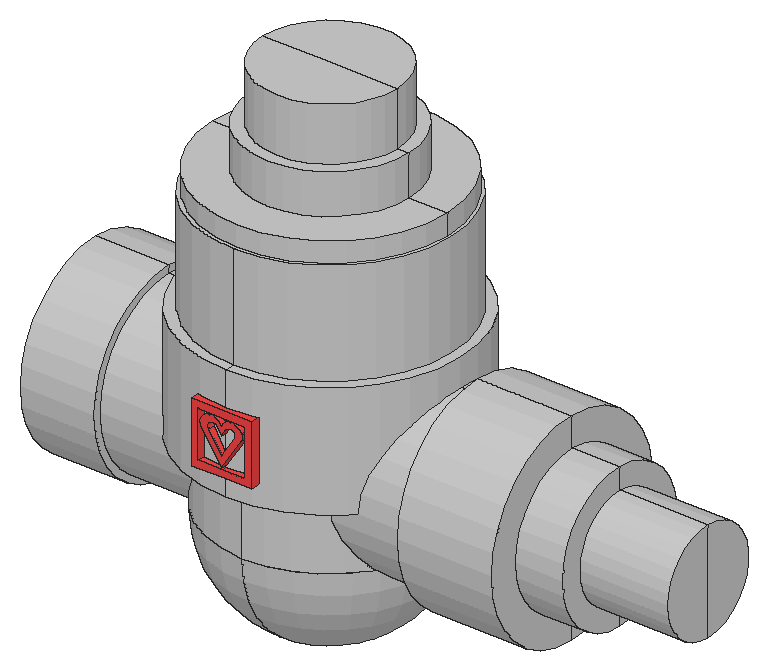
Revit family "RL-1-E Return Valve Straight Model 3723", category Rohrzubehör, Revit 2020
Family settings
  Bemaßung runder Anschluss = Durchmesser verwenden
  Teiletyp = Unterbricht
  OmniClass-Nummer = 23.65.55.14
  OmniClass-Titel = Valves for Liquid Services
  Arbeitsebenenbasiert = Nein
  Immer vertikal = Nein
  Beim Laden mit Abzugskörper schneiden = Nein
  Gemeinsam genutzt = Nein
Parameters
  Vorgabe-Ansicht = 0.000 mm
  URL = "www.herzvalves.com"
  SCRNSEQ = "ARM;ARM_TYP=\"ALLF\";2"
  SCRNCODE = "05;01;02"  # constant formula
  S04 = 45.000 mm  # constant formula
  S03 = 61.000 mm  # constant formula
  S02 [instance] = L05 + L06 + L07  # 56.300 mm
  S01 = 10.000 mm  # constant formula
  R06 = 10.000 mm  # constant formula
  R05 = 11.750 mm  # constant formula
  R04 = 17.500 mm  # constant formula
  R03 = 16.500 mm  # constant formula
  R02 = 19.500 mm  # constant formula
  R01 = 18.000 mm  # constant formula
  Part number [instance] = size_lookup("3723_1E_", "Artnr", 0, Nennweite)  # 1372301
  Nennweite [instance] = 15.000 mm
  Model = "Standard models with nickel-plated threaded sockets."
  Medium = "Hot water purity according to ÖNORM H 5195 and/or VDI guideline 2035"
  Max. operating temperature = 110 °C  # constant formula
  Max. operating pressure = 1000000.0 Pa  # constant formula
  LO1 = 3.000 mm  # constant formula
  LO2 = 19.500 mm  # constant formula
  L07 [instance] = size_lookup("3723_1E_", "L7", 1.000 mm, Nennweite)  # 20.300 mm
  L06 [instance] = size_lookup("3723_1E_", "L6", 1.000 mm, Nennweite)  # 14.000 mm
  L05 [instance] = L02 - L04  # 22.000 mm
  L04 [instance] = size_lookup("3723_1E_", "L4", 1.000 mm, Nennweite)  # 11.000 mm
  L03 [instance] = size_lookup("3723_1E_", "L3", 1.000 mm, Nennweite)  # 11.000 mm
  L02 [instance] = size_lookup("3723_1E_", "L2", 1.000 mm, Nennweite)  # 33.000 mm
  L01 [instance] = size_lookup("3723_1E_", "L1", 1.000 mm, Nennweite)  # 35.000 mm
  Hersteller = "HERZ Armaturen Ges.m.b.H."  # constant formula
  H6 = 8.000 mm  # constant formula
  H07 = 14.000 mm  # constant formula
  H05 = 17.000 mm  # constant formula
  H04 [instance] = H02 - H03  # 17.000 mm
  H03 = 15.500 mm  # constant formula
  H02 [instance] = 32.500 mm  # constant formula
  H01 [instance] = 26.000 mm  # constant formula
  GTI [instance] = size_lookup("3723_1E_", "GT1", 1.000 mm, Nennweite)  # 13.200 mm
  GT [instance] = size_lookup("3723_1E_", "GT", 1.000 mm, Nennweite)  # 12.000 mm
  G2 [instance] = Nennweite / 2  # 7.500 mm
  G1 [instance] = Nennweite / 2  # 7.500 mm
  D05 [instance] = size_lookup("3723_1E_", "D5", 1.000 mm, Nennweite)  # 10.650 mm
  D04 [instance] = size_lookup("3723_1E_", "D4", 1.000 mm, Nennweite)  # 15.000 mm
  D03 [instance] = size_lookup("3723_1E_", "D3", 1.000 mm, Nennweite)  # 9.525 mm
  D02 [instance] = size_lookup("3723_1E_", "D2", 1.000 mm, Nennweite)  # 13.000 mm
  D01 [instance] = size_lookup("3723_1E_", "D1", 1.000 mm, Nennweite)  # 14.000 mm
  Body = "nickel-plated"  # constant formula
  Application = "Water Heating Systems\r\nInstallation of the return valve permits shutting off the return connection of the radiator.\r\nWhen the intake valve is shut at the same time, the radiator can be removed while the system is under pressure."
Reference planes
  plane 1 "Mitte (Vorne/hinten)": y = 0
  plane 2: z = 0
  plane 3 "Mitte (Links/rechts)": x = 0
Forms (mm)
  Revolve 1, solid, material "Messing, weicher Gelbton, geschweißt", detail levels fine
    sketch origin (0, 0, 0) x (1, 0, 0) y (0, 0, 1)
      loop
        line (-23, 0) -> (33, 0) -> (33, 9.525) -> (22, 9.525) -> (22, 13) -> (-24, 13) -> (-24, 14) -> (-35, 14) -> (-35, 7.5) -> (-23, 7.5) -> (-23, 0)
      axis (-35, 0) -> (33, 0)
    angle from 0 to 360
  Revolve 2, solid, material "Messing, weicher Gelbton, geschweißt", detail levels fine
    sketch origin (0, 0, 0) x (0, 1, 0) y (0, 0, 1)
      loop
        line (0, 32.5) -> (-18, 32.5) -> (-18, 17) -> (-19.5, 17) -> (-19.5, 0) -> (-16.5, 0) -> (-16.5, -9.5)
        arc (-16.5, -9.5) -> (-11.667, -21.167) -> (0, -26) r 16.5
        line (0, -26) -> (0, 32.5)
      axis (0, -26) -> (0, 32.5)
    angle from 0 to 360
  Revolve 3, solid, material "Messing, weicher Gelbton, geschweißt", detail levels fine
    sketch origin (0, 0, 0) x (1, 0, 0) y (0, 0, 1)
      loop
        line (33, 0) -> (56.3, 0) -> (56.3, 7.5) -> (43.1, 7.5) -> (43.1, 10.65) -> (36, 10.65) -> (36, 15) -> (22, 15) -> (22, 9.525) -> (33, 9.525) -> (33, 0)
      axis (22, 0) -> (56.3, 0)
    angle from 0 to 360
  Revolve 4, solid, material "Messing, weicher Gelbton, geschweißt", detail levels medium+fine
    sketch origin (0, 0, 0) x (1, 0, 0) y (0, 0, 1)
      loop
        line (0, 32.5) -> (0, 49.5) -> (-10, 49.5) -> (-10, 41.5) -> (-11.75, 41.5) -> (-11.75, 35.5) -> (-17.5, 35.5) -> (-17.5, 32.5) -> (0, 32.5)
      axis (0, 49.5) -> (0, 32.5)
    angle from 0 to 360
Lines and regions (mm)
  model lines, detail levels coarse+medium
    curve 1: line (-35, 0, 14) -> (-35, 0, -14)
    curve 2: line (-35, 0, -14) -> (35, 0, 14)
    curve 3: line (35, 0, 14) -> (35, 0, -14)
    curve 4: line (35, 0, -14) -> (-35, 0, 14)
    curve 5: line (35, 0, 14) -> (45, 0, 14)
    curve 6: line (45, 0, 14) -> (35, 0, 0)
    curve 7: line (35, 0, -14) -> (45, 0, -14)
    curve 8: line (45, 0, -14) -> (35, 0, 0)
    curve 9: line (35, 0, 0) -> (56.3, 0, 0)
    curve 10: line (-35, 14, 0) -> (-35, -14, 0)
    curve 11: line (-35, -14, 0) -> (35, 14, 0)
    curve 12: line (35, 14, 0) -> (35, -14, 0)
    curve 13: line (35, -14, 0) -> (-35, 14, 0)
    curve 14: line (35, 14, 0) -> (45, 14, 0)
    curve 15: line (45, 14, 0) -> (35, 0, 0)
    curve 16: line (35, -14, 0) -> (45, -14, 0)
    curve 17: line (45, -14, 0) -> (35, 0, 0)
Dimensions and locks
  "L01": Revolve 1 sketch curve to plane 3 "Mitte (Links/rechts)"
  "L02": Revolve 1 sketch curve to plane 3 "Mitte (Links/rechts)"
  "G1": Revolve 1 sketch curve to plane 2
  "GT": Revolve 1 sketch curve to Revolve 1 sketch curve
  "D01": Revolve 1 sketch curve to Revolve 1 sketch curve
  "D02": Revolve 1 sketch curve to Revolve 1 sketch curve
  "D03": Revolve 1 sketch curve to Revolve 1 sketch curve
  "L03": Revolve 1 sketch curve to Revolve 1 sketch curve
  "L04": Revolve 1 sketch curve to Revolve 1 sketch curve
  "H02": Revolve 2 sketch curve to plane 2
  "D03": Revolve 3 sketch curve to plane 2
  "L04": Revolve 3 sketch curve to Revolve 3 sketch curve
  "L05": Revolve 3 sketch curve to plane 3 "Mitte (Links/rechts)"
  "L06": Revolve 3 sketch curve to Revolve 3 sketch curve
  "L07": Revolve 3 sketch curve to Revolve 3 sketch curve
  "D04": Revolve 3 sketch curve to Revolve 3 sketch curve
  "G2": Revolve 3 sketch curve to Revolve 3 sketch curve
  "D05": Revolve 3 sketch curve to Revolve 3 sketch curve
  "GTI": Revolve 3 sketch curve to Revolve 3 sketch curve
  "LO1": nested 1 to plane 2
  "D01": curve 4 to plane 2 to curve 2
  "D01": curve 3 to plane 2 to curve 4
  "L01": curve 1 to plane 3 "Mitte (Links/rechts)" to curve 3
  "S01": curve 3 to curve 6
  "S02": curve 9 to plane 3 "Mitte (Links/rechts)"
  "L01": curve 10 to plane 3 "Mitte (Links/rechts)" to curve 12
  "D01": curve 11 to plane 1 "Mitte (Vorne/hinten)" to curve 13
  "D01": curve 13 to plane 1 "Mitte (Vorne/hinten)" to curve 12
  "S01": curve 12 to curve 15
  "S01": curve 12 to curve 17
  "H03": Revolve 2 sketch curve to Revolve 2 sketch curve
  "R02": Revolve 2 sketch curve to Revolve 2 sketch curve
  "R01": Revolve 2 sketch curve to Revolve 2 sketch curve
  "H04": Revolve 2 sketch curve to Revolve 2 sketch curve
  "H01": plane 2 to Revolve 2 sketch curve
  "LO2": nested 1 to plane 1 "Mitte (Vorne/hinten)"
  "H05": Revolve 4 sketch curve to Revolve 2
  "H02": Revolve 4 sketch curve to plane 2
  "H6": Revolve 4 sketch curve to Revolve 4 sketch curve
  "H07": Revolve 4 sketch curve to Revolve 4 sketch curve
  "R06": Revolve 4 sketch curve to Revolve 4 sketch curve
  "R05": Revolve 4 sketch curve to Revolve 4 sketch curve
  "R04": Revolve 4 sketch curve to Revolve 4 sketch curve
  "R03": radius of Revolve 2 sketch curve
  aligned and locked: level to plane 2
Automatic sketch dimensions
  curve 9 to level = 0.000 mm
  curve 3 to curve 8 = 10.000 mm
  plane 1 "Mitte (Vorne/hinten)" to curve 17 = 0.000 mm
  Revolve 1 sketch curve to level = 0.000 mm  (x2)
  Revolve 1 sketch curve to Revolve 1 sketch curve = 1436.530 mm
  Revolve 1 sketch curve to Revolve 1 sketch curve = 1779.148 mm
  Revolve 2 sketch curve to plane 1 "Mitte (Vorne/hinten)" = 0.000 mm  (x2)
  Revolve 2 sketch curve to Revolve 2 sketch curve = 0.000 mm
  Revolve 2 sketch curve to Revolve 2 sketch curve = 1236.335 mm
  Revolve 3 sketch curve to level = 0.000 mm  (x2)
  Revolve 3 sketch curve to plane 3 "Mitte (Links/rechts)" = 1506.530 mm
  Revolve 3 sketch curve to Revolve 3 sketch curve = 1789.648 mm
  Revolve 4 sketch curve to plane 3 "Mitte (Links/rechts)" = 0.000 mm  (x2)
  Revolve 4 sketch curve to level = 366.045 mm
  Revolve 4 sketch curve to Revolve 4 sketch curve = 2164.815 mm
Nested families
  nested 1: "Herz-Logo-vorne" at (0, -19.5, 7.5) x (0, 1, 0) z (0, 0, 1), type "Herz-Logo-vorne", detail levels fine
Connectors
  piping at (-23, 0, 0), diameter 15, driven by "Nennweite"
    settings: on Revolve 1, index 1, connector inside diameter 609.6 mm, connector length 0.000 mm, flow factor 0, pipe flow 0.0 L/s, pressure drop 0.0 Pa, fitting loss kfactor 0, connector angle 0.00°, fixture units 0, engagement length 0.000 mm, angle of deflection 0.00°, flow configuration 0, flow direction 1, fitting loss method 0, system type 8, joint type 0, gender type 0, connector reference index -1, connector utility 0, adjustable connector no, is connector primary yes, connector description ""
  piping at (56.3, 0, 0), diameter 15, driven by "Nennweite"
    settings: on Revolve 3, index 2, connector inside diameter 609.6 mm, connector length 0.000 mm, flow factor 0, pipe flow 0.0 L/s, pressure drop 0.0 Pa, fitting loss kfactor 0, connector angle 0.00°, fixture units 0, engagement length 0.000 mm, angle of deflection 0.00°, flow configuration 0, flow direction 2, fitting loss method 0, system type 8, joint type 0, gender type 0, connector reference index -1, connector utility 0, adjustable connector no, is connector primary no, connector description ""
Definition of nested family "Herz-Logo-vorne"
  Parameters (values of type "Herz-Logo-vorne")
    Default Elevation = 0.000 mm
  Reference planes
    plane 1 "Mitte (Vorne/hinten)": y = 0
    plane 2: z = 0
    plane 3 "Mitte (Links/rechts)": x = 0
  Forms (mm)
    Extrusion 1, solid
      sketch origin (0.732, -0.018, 0.017) x (0, -1, 0) y (0, 0, 1)
        loop
          line (-0.018, -4.517) -> (4.482, -4.517) -> (4.482, 4.483) -> (-4.518, 4.483) -> (-4.518, -4.517) -> (-0.018, -4.517)
        loop
          line (-0.05, -3.48) -> (3.482, -3.48) -> (3.482, 3.483) -> (-3.518, 3.483) -> (-3.518, -3.48) -> (-0.05, -3.48)
        loop
          arc (-0.018, 2.383) -> (-1.543, 3.287) -> (-3.067, 2.383) r 1.738
          arc (-3.067, 2.383) -> (-3.191, 1.899) -> (-3.067, 1.415) r 1.009
          line (-3.067, 1.415) -> (-0.018, -3.281) -> (3.032, 1.415)
          arc (3.032, 1.415) -> (3.156, 1.899) -> (3.032, 2.383) r 1.009
          arc (3.032, 2.383) -> (1.507, 3.287) -> (-0.018, 2.383) r 1.738
        loop
          arc (1.885, 1.272) -> (2.005, 1.675) -> (1.885, 2.079) r 0.74
          arc (1.885, 2.079) -> (1.265, 2.416) -> (0.644, 2.079) r 0.74
          line (0.644, 2.079) -> (-0.018, 0.97) -> (-0.679, 2.079)
          arc (-0.679, 2.079) -> (-1.3, 2.416) -> (-1.921, 2.079) r 0.74
          arc (-1.921, 2.079) -> (-2.04, 1.675) -> (-1.921, 1.272) r 0.74
          line (-1.921, 1.272) -> (-0.018, -1.658) -> (1.885, 1.272)
      from 0 to 1.5
  Dimensions and locks
    aligned and locked: level to plane 2
